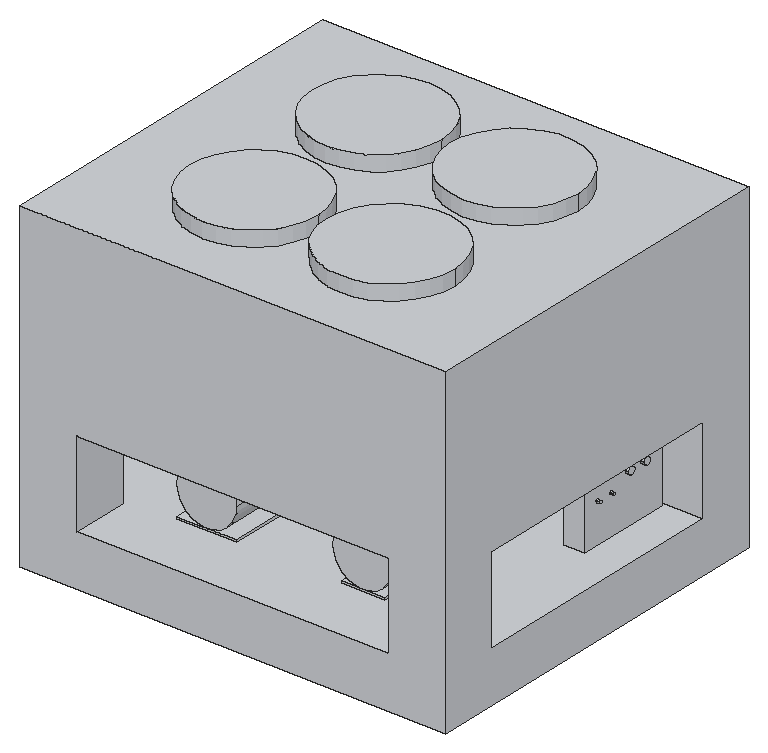
Revit family "M_Unidade de condensação - Resfriado a ar - DX - 141-352 kW", category Equipamento mecânico, Revit 2019
Family settings
  Cota do conector redondo = Usar raio
  Tipo de parte = Normal
  Número OmniClass = 23.75.10.24.21.11.11
  Título OmniClass = Packaged Refrigerant Condensing Coils and Fan Units
  ID de item do Seek = Condensing Unit - Air Cooled - DX - 141-352 kW-0000-CAN-ENU
  Com base no plano de trabalho = Não
  Sempre na vertical = Sim
  Corte com vazios quando carregada = Não
  Compartilhado = Não
  Ponto de cálculo do ambiente = Não
Parameters (values of type "141 kW")
  Voltagem = 460 V
  Visibilidade 5 = no
  Visibilidade 4 = yes
  Visibilidade 3 = no
  Visibilidade 2 = no
  Visibilidade 1 = yes
  Largura da unidade = 2247.9 mm
  Material da unidade = none
  Comprimento da unidade = 2524.1 mm
  Altura da unidade = 1922.5 mm
  Raio da saída = 6 mm
  Diâmetro da saída = Raio da saída * 2  # 12 mm
  Número de pólos = 3
  Carga máxima de operação = 7620 mm
  Classificação de carga = Refrigeração
  Comprimento 2 = (Comprimento da unidade - 311.15 mm * 2) / 2 / 3  # 316.967 mm
  Comprimento 1 = 1117.6 mm
  Raio da embocadura = 20 mm
  Diâmetro da embocadura = Raio da embocadura * 2  # 40 mm
  Altura 2 = 817.6 mm
  Altura 1 = 2013 mm
  C4 Deslocamento1 = 519.1 mm
  C3 Deslocamento2 = 627.1 mm
  C3 Deslocamento1 = 635 mm
  C2 Deslocamento1 = 765.2 mm
  C1 Deslocamento2 = 560.4 mm
  C1 Deslocamento1 = 863.6 mm
  Carga aparente = 38000 VA
Types (8, lengths in mm): name | Visibilidade 5 | Visibilidade 4 | Visibilidade 3 | Visibilidade 2 | Visibilidade 1 | Largura da unidade | Comprimento da unidade | Altura da unidade | Raio da saída | Diâmetro da saída | Comprimento 2 | Comprimento 1 | Raio da embocadura | Diâmetro da embocadura | Altura 2 | Altura 1 | Carga aparente
  (no name) | no | yes | no | no | yes | 2247.9 | 2524.1 | 1922.5 | 6 | 12 | 316.967 | 1117.6 | 20 | 40 | 817.6 | 2013 | 38000 VA
  141 kW | no | yes | no | no | yes | 2247.9 | 2524.1 | 1922.5 | 6 | 12 | 316.967 | 1117.6 | 20 | 40 | 817.6 | 2013 | 38000 VA
  176 kW | no | yes | no | no | yes | 2247.9 | 2524.1 | 1922.5 | 10 | 20 | 316.967 | 1117.6 | 20 | 40 | 817.6 | 2013 | 42100 VA
  211 kW | no | yes | no | no | yes | 2247.9 | 2524.1 | 1922.5 | 10 | 20 | 316.967 | 1117.6 | 25 | 50 | 817.6 | 2013 | 48800 VA
  246 kW | yes | no | no | no | yes | 2247.9 | 3124.2 | 2127.3 | 10 | 20 | 416.983 | 1346.2 | 25 | 50 | 817.6 | 2219.3 | 60900 VA
  281 kW | yes | no | no | no | yes | 2247.9 | 3124.2 | 2127.3 | 10 | 20 | 416.983 | 1346.2 | 25 | 50 | 817.6 | 2219.3 | 69500 VA
  316 kW | yes | no | yes | no | no | 2328.9 | 3413.1 | 2335.2 | 10 | 20 | 465.133 | 2006.6 | 25 | 50 | 1025.5 | 2427.3 | 76900 VA
  352 kW | yes | no | yes | yes | no | 2328.9 | 3413.1 | 2335.2 | 10 | 20 | 465.133 | 2006.6 | 25 | 50 | 1025.5 | 2427.3 | 85600 VA
Reference planes
  plane 1 "Centro (Frente/Trás)": y = 0
  plane 2: z = 0
  plane 3 "Centro (Esquerda/Direita)": x = 0
  plane 4: x = 2524.1
  plane 5: z = 1922.5
  plane 6: y = 2247.9
  plane 7: z = 817.6
  plane 8: z = 2013
  plane 9: x = 336.55
  plane 10: x = 2187.55
  plane 11: z = 304.8
  plane 12: y = 336.55
  plane 13: y = 1911.35
  plane 14: z = 317.5
  plane 15: z = 495.3
  plane 16: y = 387.35
  plane 17: y = 793.75
  plane 18: y = 1870.075
  plane 19: y = 1298.575
  plane 20: x = 1262.05
  plane 21: x = 645.05
  plane 22: x = 953.55
  plane 23: x = 1570.55
  plane 24: x = 1879.05
  plane 25: x = 799.3
  plane 26: x = 1724.8
  plane 27: x = 449.25
  plane 28: x = 2074.85
  plane 29: x = 855.65
  plane 30: x = 1668.45
  plane 31: y = 1123.95
  plane 32: y = 1581.15
  plane 33: y = 666.75
  plane 34: y = 1728.8
  plane 35: y = 1612.9
  plane 36: y = 1482.7
  plane 37: y = 1384.3
  plane 38: z = 560.4
  plane 39: z = 627.1
  plane 40: x = 2339.95
  plane 41: x = 139.7
  plane 42: z = 79.375
Forms (mm)
  Extrusion 1, solid, material <- "Material da unidade"
    sketch origin (0, 0, 0) x (1, 0, 0) y (0, 1, 0)
      loop
        line (0, 2247.9) -> (0, 0) -> (2524.1, 0) -> (2524.1, 2247.9) -> (0, 2247.9)
    from 817.6 to 1922.5
  Extrusion 2, solid, material <- "Material da unidade"
    sketch origin (0, 0, 0) x (1, 0, 0) y (0, 0, 1)
      loop
        line (0, 817.6) -> (0, 0) -> (336.55, 0) -> (336.55, 817.6) -> (0, 817.6)
    from 0 to -336.55
  Extrusion 3, solid, material <- "Material da unidade"
    sketch origin (3076.575, 0, 0) x (1, 0, 0) y (0, 0, 1)
      loop
        line (-889.025, 817.6) -> (-889.025, 0) -> (-552.475, 0) -> (-552.475, 817.6) -> (-889.025, 817.6)
    from -2247.9 to -1911.35
  Extrusion 4, solid, material <- "Material da unidade"
    sketch origin (0, 0, 0) x (1, 0, 0) y (0, 0, 1)
      loop
        line (0, 304.8) -> (0, 0) -> (2524.1, 0) -> (2524.1, 304.8) -> (0, 304.8)
    from -2247.9 to 0
  Extrusion 5, solid, material <- "Material da unidade", visible <- "Visibilidade 1"
    sketch origin (0, 0, 0) x (1, 0, 0) y (0, 0, 1)
      loop
        circle (799.3, 495.3) r 177.8
    from -793.75 to -387.35
  Extrusion 6, solid, material <- "Material da unidade"
    sketch origin (1117.6, 0, 0) x (1, 0, 0) y (0, 0, 1)
      loop
        line (1069.95, 817.6) -> (1069.95, 0) -> (1406.5, 0) -> (1406.5, 817.6) -> (1069.95, 817.6)
    from 0 to -336.55
  Extrusion 7, solid, material <- "Material da unidade"
    sketch origin (609.6, 0, 0) x (1, 0, 0) y (0, 0, 1)
      loop
        line (-609.6, 817.6) -> (-609.6, 0) -> (-273.05, 0) -> (-273.05, 817.6) -> (-609.6, 817.6)
    from -1911.35 to -2247.9
  Extrusion 8, solid, material <- "Material da unidade", visible <- "Visibilidade 1"
    sketch origin (1234.017, 0, 0) x (1, 0, 0) y (0, 0, 1)
      loop
        circle (490.783, 495.3) r 177.8
    from -793.75 to -387.35
  Extrusion 9, solid, material <- "Material da unidade", visible <- "Visibilidade 3"
    sketch origin (0, 0, 0) x (1, 0, 0) y (0, 0, 1)
      loop
        circle (645.05, 495.3) r 177.8
    from -793.75 to -387.35
  Extrusion 10, solid, material <- "Material da unidade", visible <- "Visibilidade 2"
    sketch origin (456.671, 0, 0) x (1, 0, 0) y (0, 0, 1)
      loop
        circle (496.879, 495.3) r 177.8
    from -793.75 to -387.35
  Extrusion 11, solid, material <- "Material da unidade", visible <- "Visibilidade 3"
    sketch origin (1370.013, 0, 0) x (1, 0, 0) y (0, 0, 1)
      loop
        circle (200.538, 495.3) r 177.8
    from -793.75 to -387.35
  Extrusion 12, solid, material <- "Material da unidade", visible <- "Visibilidade 3"
    sketch origin (1826.683, 0, 0) x (1, 0, 0) y (0, 0, 1)
      loop
        circle (52.367, 495.3) r 177.8
    from -793.75 to -387.35
  Extrusion 13, solid, material <- "Material da unidade"
    sketch origin (0, 0, 0) x (1, 0, 0) y (0, 0, 1)
      loop
        line (2187.55, 800.1) -> (2187.55, 317.5) -> (2314.55, 317.5) -> (2314.55, 800.1) -> (2187.55, 800.1)
    from -1870.075 to -1298.575
  Extrusion 14, solid, material <- "Material da unidade", visible <- "Visibilidade 4"
    sketch origin (0, 0, 0) x (1, 0, 0) y (0, 1, 0)
      loop
        circle (855.65, 1581.15) r 381
    from 1922.5 to 2013
  Extrusion 15, solid, material <- "Material da unidade", visible <- "Visibilidade 4"
    sketch origin (2524.125, 0, 0) x (-1, 0, 0) y (0, -1, 0)
      loop
        circle (855.675, -1581.15) r 381
    from 1922.5 to 2013
  Extrusion 16, solid, material <- "Material da unidade", visible <- "Visibilidade 4"
    sketch origin (0, 2247.9, 0) x (1, 0, 0) y (0, 1, 0)
      loop
        circle (855.65, -1581.15) r 381
    from 1922.5 to 2013
  Extrusion 17, solid, material <- "Material da unidade", visible <- "Visibilidade 4"
    sketch origin (2524.125, 2247.9, 0) x (-1, 0, 0) y (0, -1, 0)
      loop
        circle (855.675, 1581.15) r 381
    from 1922.5 to 2013
  Extrusion 18, solid, material <- "Material da unidade", visible <- "Visibilidade 5"
    sketch origin (0, 0, 0) x (1, 0, 0) y (0, 1, 0)
      loop
        circle (449.25, 1581.15) r 381
    from 1922.5 to 2013
  Extrusion 19, solid, material <- "Material da unidade", visible <- "Visibilidade 5"
    sketch origin (0, 2247.9, 0) x (1, 0, 0) y (0, 1, 0)
      loop
        circle (449.25, -1581.15) r 381
    from 1922.5 to 2013
  Extrusion 20, solid, material <- "Material da unidade", visible <- "Visibilidade 5"
    sketch origin (812.8, 0, 0) x (1, 0, 0) y (0, 1, 0)
      loop
        circle (449.25, 1581.15) r 381
    from 1922.5 to 2013
  Extrusion 21, solid, material <- "Material da unidade", visible <- "Visibilidade 5"
    sketch origin (812.8, 2247.9, 0) x (1, 0, 0) y (0, 1, 0)
      loop
        circle (449.25, -1581.15) r 381
    from 1922.5 to 2013
  Extrusion 22, solid, material <- "Material da unidade", visible <- "Visibilidade 5"
    sketch origin (3124.2, 0, 0) x (-1, 0, 0) y (0, -1, 0)
      loop
        circle (1049.35, -1581.15) r 381
    from 1922.5 to 2013
  Extrusion 23, solid, material <- "Material da unidade", visible <- "Visibilidade 5"
    sketch origin (3124.2, 2247.9, 0) x (-1, 0, 0) y (0, -1, 0)
      loop
        circle (1049.35, 1581.15) r 381
    from 1922.5 to 2013
  Extrusion 24, solid, material <- "Material da unidade", visible <- "Visibilidade 1"
    sketch origin (0, 0, 0) x (1, 0, 0) y (0, 0, 1)
      loop
        line (621.5, 317.5) -> (621.5, 304.8) -> (977.1, 304.8) -> (977.1, 317.5) -> (621.5, 317.5)
    from -793.75 to -387.35
  Extrusion 25, solid, material <- "Material da unidade", visible <- "Visibilidade 1"
    sketch origin (1225.55, 0, 0) x (1, 0, 0) y (0, 0, 1)
      loop
        line (371.458, 317.5) -> (371.458, 304.8) -> (627.042, 304.8) -> (627.042, 317.5) -> (371.458, 317.5)
    from -793.75 to -387.35
  Extrusion 26, solid, material <- "Material da unidade", visible <- "Visibilidade 3"
    sketch origin (0, 0, 0) x (1, 0, 0) y (0, 0, 1)
      loop
        line (467.25, 317.5) -> (467.25, 304.8) -> (822.85, 304.8) -> (822.85, 317.5) -> (467.25, 317.5)
    from -793.75 to -387.35
  Extrusion 27, solid, material <- "Material da unidade", visible <- "Visibilidade 2"
    sketch origin (456.671, 0, 0) x (1, 0, 0) y (0, 0, 1)
      loop
        line (393.165, 317.5) -> (393.165, 304.8) -> (600.594, 304.8) -> (600.594, 317.5) -> (393.165, 317.5)
    from -793.75 to -387.35
  Extrusion 28, solid, material <- "Material da unidade", visible <- "Visibilidade 3"
    sketch origin (1370.012, 0, 0) x (1, 0, 0) y (0, 0, 1)
      loop
        line (170.908, 317.5) -> (170.908, 304.8) -> (230.167, 304.8) -> (230.167, 317.5) -> (170.908, 317.5)
    from -793.75 to -387.35
  Extrusion 29, solid, material <- "Material da unidade", visible <- "Visibilidade 3"
    sketch origin (1826.683, 0, 0) x (1, 0, 0) y (0, 0, 1)
      loop
        line (-51.348, 317.5) -> (-51.348, 304.8) -> (156.081, 304.8) -> (156.081, 317.5) -> (-51.348, 317.5)
    from -793.75 to -387.35
  Extrusion 30, solid, material <- "Material da unidade"
    sketch origin (0, 0, 0) x (0, 1, 0) y (0, 0, 1)
      loop
        circle (1384.3, 560.4) r 6
    from 2314.55 to 2339.95
  Extrusion 31, solid, material <- "Material da unidade"
    sketch origin (0, 0, 0) x (0, 1, 0) y (0, 0, 1)
      loop
        circle (1482.7, 560.4) r 6
    from 2314.55 to 2339.95
  Extrusion 32, solid, material <- "Material da unidade"
    sketch origin (0, 0, 0) x (0, 1, 0) y (0, 0, 1)
      loop
        circle (1612.9, 627.1) r 20
    from 2314.55 to 2339.95
  Extrusion 33, solid, material <- "Material da unidade"
    sketch origin (0, 0, 0) x (0, 1, 0) y (0, 0, 1)
      loop
        circle (1728.8, 627.1) r 20
    from 2314.55 to 2339.95
  Extrusion 34, solid, material <- "Material da unidade"
    sketch origin (0, 0, 0) x (1, 0, 0) y (0, 0, 1)
      loop
        circle (139.7, 79.375) r 12.7
    from -336.55 to 0
Cuts and joins
  joined: Extrusion 1, Extrusion 2, Extrusion 3, Extrusion 4, Extrusion 6, Extrusion 7, Extrusion 13, Extrusion 30, Extrusion 31, Extrusion 32, Extrusion 33, Extrusion 34
Dimensions and locks
  "Comprimento da unidade": plane 4 to plane 3 "Centro (Esquerda/Direita)"
  "Altura da unidade": plane 5 to plane 2
  "Largura da unidade": plane 1 "Centro (Frente/Trás)" to plane 6
  "Altura 2": plane 7 to plane 2
  "Altura 1": plane 8 to plane 2
  locked: plane 9 to plane 3 "Centro (Esquerda/Direita)" at 336.55
  locked: plane 4 to plane 10 at 336.55
  locked: plane 11 to plane 2 at 304.8
  locked: plane 1 "Centro (Frente/Trás)" to plane 12 at 336.55
  locked: plane 13 to plane 6 at 336.55
  locked: plane 14 to plane 11 at 12.7
  locked: plane 15 to plane 14 at 177.8
  locked: plane 16 to plane 12 at 50.8
  locked: plane 17 to plane 16 at 406.4
  locked: plane 6 to plane 18 at 377.825
  locked: plane 18 to plane 19 at 571.5
  equal spacing: plane 10, plane 20, plane 9
  equal spacing: plane 20, plane 22, plane 21, plane 9
  equal spacing: plane 20, plane 23, plane 24, plane 10
  equal spacing: plane 20, plane 25, plane 9
  equal spacing: plane 20, plane 26, plane 10
  locked: plane 10 to Extrusion 13 sketch curve at 127
  locked: Extrusion 13 sketch curve to plane 14 at 482.6
  locked: plane 27 to plane 20 at 812.8
  locked: plane 20 to plane 28 at 812.8
  locked: plane 29 to plane 20 at 406.4
  locked: plane 20 to plane 30 at 406.4
  equal spacing: plane 1 "Centro (Frente/Trás)", plane 31, plane 6
  locked: plane 32 to plane 31 at 457.2
  locked: plane 31 to plane 33 at 457.2
  locked: plane 25 to Extrusion 24 sketch curve at 177.8  (x2)
  equal spacing: Extrusion 25 sketch curve, plane 26, Extrusion 25 sketch curve
  equal spacing: Extrusion 26 sketch curve, plane 21, Extrusion 26 sketch curve
  equal spacing: Extrusion 27 sketch curve, plane 22, Extrusion 27 sketch curve
  equal spacing: Extrusion 28 sketch curve, plane 23, Extrusion 28 sketch curve
  equal spacing: Extrusion 29 sketch curve, plane 24, Extrusion 29 sketch curve
  "C4 Deslocamento1": plane 34 to plane 6
  "C3 Deslocamento1": plane 35 to plane 6
  "C2 Deslocamento1": plane 36 to plane 6
  "C1 Deslocamento1": plane 37 to plane 6
  "C1 Deslocamento2": plane 2 to plane 38
  "C3 Deslocamento2": plane 39 to plane 2
  locked: plane 10 to plane 40 at 152.4
  locked: plane 41 to plane 3 "Centro (Esquerda/Direita)" at 139.7
  locked: plane 42 to plane 2 at 79.375
  radius of Extrusion 9 sketch curve = 177.8 mm
  radius of Extrusion 5 sketch curve = 177.8 mm
  radius of Extrusion 10 sketch curve = 177.8 mm
  radius of Extrusion 11 sketch curve = 177.8 mm
  radius of Extrusion 8 sketch curve = 177.8 mm
  radius of Extrusion 12 sketch curve = 177.8 mm
  radius of Extrusion 14 sketch curve = 381 mm
  radius of Extrusion 15 sketch curve = 381 mm
  radius of Extrusion 16 sketch curve = 381 mm
  radius of Extrusion 17 sketch curve = 381 mm
  radius of Extrusion 18 sketch curve = 381 mm
  radius of Extrusion 19 sketch curve = 381 mm
  radius of Extrusion 20 sketch curve = 381 mm
  radius of Extrusion 21 sketch curve = 381 mm
  radius of Extrusion 22 sketch curve = 381 mm
  radius of Extrusion 23 sketch curve = 381 mm
  "Raio da saída": radius of Extrusion 30 sketch curve
  "Raio da saída": radius of Extrusion 31 sketch curve
  "Raio da embocadura": radius of Extrusion 32 sketch curve
  "Raio da embocadura": radius of Extrusion 33 sketch curve
  radius of Extrusion 34 sketch curve = 12.7 mm
  aligned and locked: plane 3 "Centro (Esquerda/Direita)" to Extrusion 1 sketch curve
  aligned and locked: Extrusion 1 sketch curve to plane 1 "Centro (Frente/Trás)"
  aligned and locked: Extrusion 1 sketch curve to plane 4
  aligned and locked: plane 6 to Extrusion 1 sketch curve
  aligned and locked: plane 5 to Extrusion 1
  aligned and locked: Extrusion 1 to plane 7
  aligned and locked: Extrusion 2 sketch curve to Extrusion 1  (x2)
  aligned and locked: level to Extrusion 2 sketch curve
  aligned and locked: Extrusion 2 sketch curve to plane 9
  aligned and locked: plane 10 to Extrusion 3 sketch curve
  aligned and locked: Extrusion 3 sketch curve to plane 2
  aligned and locked: Extrusion 3 sketch curve to plane 7
  aligned and locked: Extrusion 3 sketch curve to plane 4
  aligned and locked: Extrusion 4 sketch curve to plane 2
  aligned and locked: plane 3 "Centro (Esquerda/Direita)" to Extrusion 4 sketch curve
  aligned and locked: Extrusion 4 sketch curve to plane 4
  aligned and locked: Extrusion 4 sketch curve to plane 11
  aligned and locked: plane 15 to Extrusion 5 sketch curve
  aligned and locked: plane 3 "Centro (Esquerda/Direita)" to Extrusion 7 sketch curve
  aligned and locked: Extrusion 7 sketch curve to plane 9
  aligned and locked: Extrusion 7 sketch curve to plane 7
  aligned and locked: plane 2 to Extrusion 7 sketch curve
  aligned and locked: Extrusion 6 sketch curve to plane 4
  aligned and locked: plane 10 to Extrusion 6 sketch curve
  aligned and locked: Extrusion 6 sketch curve to plane 2
  aligned and locked: Extrusion 6 sketch curve to plane 7
  aligned and locked: Extrusion 7 to plane 6
  aligned and locked: plane 13 to Extrusion 7
  aligned and locked: Extrusion 5 to plane 17
  aligned and locked: plane 16 to Extrusion 5
  aligned and locked: plane 15 to Extrusion 8 sketch curve
  aligned and locked: plane 25 to Extrusion 5 sketch curve
  aligned and locked: plane 26 to Extrusion 8 sketch curve
  aligned and locked: plane 15 to Extrusion 9 sketch curve
  aligned and locked: plane 21 to Extrusion 9 sketch curve
  aligned and locked: plane 15 to Extrusion 10 sketch curve
  aligned and locked: plane 22 to Extrusion 10 sketch curve
  aligned and locked: plane 23 to Extrusion 11 sketch curve
  aligned and locked: plane 15 to Extrusion 11 sketch curve
  aligned and locked: plane 15 to Extrusion 12 sketch curve
  aligned and locked: plane 24 to Extrusion 12 sketch curve
  aligned and locked: Extrusion 9 to plane 17
  aligned and locked: plane 16 to Extrusion 9
  aligned and locked: Extrusion 10 to plane 17
  aligned and locked: plane 16 to Extrusion 10
  aligned and locked: Extrusion 11 to plane 17
  aligned and locked: plane 16 to Extrusion 11
  aligned and locked: Extrusion 12 to plane 17
  aligned and locked: plane 16 to Extrusion 12
  aligned and locked: plane 10 to Extrusion 13 sketch curve
  aligned and locked: plane 14 to Extrusion 13 sketch curve
  aligned and locked: Extrusion 13 to plane 18
  aligned and locked: plane 19 to Extrusion 13
  aligned and locked: plane 32 to Extrusion 14 sketch curve
  aligned and locked: plane 29 to Extrusion 14 sketch curve
  aligned and locked: plane 32 to Extrusion 15 sketch curve
  aligned and locked: plane 30 to Extrusion 15 sketch curve
  aligned and locked: plane 33 to Extrusion 16 sketch curve
  aligned and locked: plane 29 to Extrusion 16 sketch curve
  aligned and locked: plane 30 to Extrusion 17 sketch curve
  aligned and locked: plane 33 to Extrusion 17 sketch curve
  aligned and locked: plane 8 to Extrusion 16
  aligned and locked: Extrusion 16 to plane 5
  aligned and locked: plane 8 to Extrusion 14
  aligned and locked: Extrusion 14 to plane 5
  aligned and locked: plane 8 to Extrusion 17
  aligned and locked: Extrusion 17 to plane 5
  aligned and locked: plane 8 to Extrusion 15
  aligned and locked: Extrusion 15 to plane 5
  aligned and locked: plane 32 to Extrusion 18 sketch curve
  aligned and locked: plane 27 to Extrusion 18 sketch curve
  aligned and locked: plane 33 to Extrusion 19 sketch curve
  aligned and locked: plane 27 to Extrusion 19 sketch curve
  aligned and locked: plane 32 to Extrusion 20 sketch curve
  aligned and locked: plane 20 to Extrusion 20 sketch curve
  aligned and locked: plane 33 to Extrusion 21 sketch curve
  aligned and locked: plane 20 to Extrusion 21 sketch curve
  aligned and locked: plane 32 to Extrusion 22 sketch curve
  aligned and locked: plane 28 to Extrusion 22 sketch curve
  aligned and locked: plane 33 to Extrusion 23 sketch curve
  aligned and locked: plane 28 to Extrusion 23 sketch curve
  aligned and locked: plane 8 to Extrusion 19
  aligned and locked: Extrusion 19 to plane 5
  aligned and locked: plane 8 to Extrusion 18
  aligned and locked: Extrusion 18 to plane 5
  aligned and locked: plane 8 to Extrusion 21
  aligned and locked: Extrusion 21 to plane 5
  aligned and locked: plane 8 to Extrusion 20
  aligned and locked: Extrusion 20 to plane 5
  aligned and locked: plane 8 to Extrusion 23
  aligned and locked: Extrusion 23 to plane 5
  aligned and locked: plane 8 to Extrusion 22
  aligned and locked: Extrusion 22 to plane 5
  aligned and locked: plane 11 to Extrusion 24 sketch curve
  aligned and locked: Extrusion 24 sketch curve to plane 14
  aligned and locked: plane 11 to Extrusion 25 sketch curve
  aligned and locked: Extrusion 25 sketch curve to plane 14
  aligned and locked: Extrusion 26 sketch curve to plane 14
  aligned and locked: plane 11 to Extrusion 26 sketch curve
  aligned and locked: Extrusion 27 sketch curve to plane 14
  aligned and locked: plane 11 to Extrusion 27 sketch curve
  aligned and locked: Extrusion 28 sketch curve to plane 14
  aligned and locked: plane 11 to Extrusion 28 sketch curve
  aligned and locked: Extrusion 29 sketch curve to plane 14
  aligned and locked: plane 11 to Extrusion 29 sketch curve
  aligned and locked: Extrusion 5 to Extrusion 26
  aligned and locked: Extrusion 26 to Extrusion 5
  aligned and locked: Extrusion 5 to Extrusion 24
  aligned and locked: Extrusion 24 to Extrusion 5
  aligned and locked: Extrusion 5 to Extrusion 27
  aligned and locked: Extrusion 27 to Extrusion 5
  aligned and locked: Extrusion 5 to Extrusion 28
  aligned and locked: Extrusion 28 to Extrusion 5
  aligned and locked: Extrusion 5 to Extrusion 25
  aligned and locked: Extrusion 25 to Extrusion 5
  aligned and locked: Extrusion 5 to Extrusion 29
  aligned and locked: Extrusion 29 to Extrusion 5
  aligned and locked: plane 38 to Extrusion 30 sketch curve
  aligned and locked: plane 38 to Extrusion 31 sketch curve
  aligned and locked: plane 37 to Extrusion 30 sketch curve
  aligned and locked: plane 36 to Extrusion 31 sketch curve
  aligned and locked: plane 39 to Extrusion 32 sketch curve
  aligned and locked: plane 35 to Extrusion 32 sketch curve
  aligned and locked: plane 39 to Extrusion 33 sketch curve
  aligned and locked: plane 34 to Extrusion 33 sketch curve
  aligned and locked: Extrusion 33 to Extrusion 13
  aligned and locked: plane 40 to Extrusion 33
  aligned and locked: Extrusion 32 to Extrusion 13
  aligned and locked: plane 40 to Extrusion 32
  aligned and locked: Extrusion 31 to Extrusion 13
  aligned and locked: plane 40 to Extrusion 31
  aligned and locked: Extrusion 30 to Extrusion 13
  aligned and locked: plane 40 to Extrusion 30
  aligned and locked: plane 42 to Extrusion 34 sketch curve
  aligned and locked: plane 41 to Extrusion 34 sketch curve
  aligned and locked: Extrusion 34 to plane 12
  aligned and locked: plane 1 "Centro (Frente/Trás)" to Extrusion 34
  aligned and locked: Extrusion 4 to plane 6
  aligned and locked: Extrusion 3 to plane 6
  aligned and locked: plane 13 to cut or joined group of Extrusion 1, Extrusion 2, Extrusion 3, Extrusion 4, Extrusion 6, Extrusion 7, Extrusion 13, Extrusion 30, Extrusion 31, Extrusion 32, Extrusion 33, Extrusion 34
Automatic sketch dimensions
  plane 23 to Extrusion 25 sketch curve = 26.458 mm
  Extrusion 26 sketch curve to plane 21 = 177.8 mm
  Extrusion 27 sketch curve to plane 25 = 50.535 mm
  Extrusion 28 sketch curve to plane 30 = 127.529 mm
  plane 26 to Extrusion 29 sketch curve = 50.535 mm
Connectors
  piping at (2339.95, 1384.3, 560.4), diameter 12, driven by "Raio da saída"
    settings: on Extrusion 30, index 1, connector inside diameter 12 mm, connector length 0 mm, flow factor 0, pipe flow 0.0 L/s, pressure drop 0.0 Pa, fitting loss kfactor 0, connector angle 0.00°, fixture units 0, engagement length 0 mm, angle of deflection 0.00°, flow configuration 0, flow direction 2, fitting loss method 0, system type 22, joint type 0, gender type 0, connector reference index 3, connector utility 0, adjustable connector no, is connector primary yes, connector description "Saída de material criogênico"
  piping at (2339.95, 1482.7, 560.4), diameter 12, driven by "Raio da saída"
    settings: on Extrusion 31, index 2, connector inside diameter 12 mm, connector length 0 mm, flow factor 0, pipe flow 0.0 L/s, pressure drop 0.0 Pa, fitting loss kfactor 0, connector angle 0.00°, fixture units 0, engagement length 0 mm, angle of deflection 0.00°, flow configuration 0, flow direction 2, fitting loss method 0, system type 22, joint type 0, gender type 0, connector reference index 4, connector utility 0, adjustable connector no, is connector primary no, connector description "Saída de material criogênico"
  piping at (2339.95, 1612.9, 627.1), diameter 40, driven by "Raio da embocadura"
    settings: on Extrusion 32, index 3, connector inside diameter 40 mm, connector length 0 mm, flow factor 0, pipe flow 0.0 L/s, pressure drop 0.0 Pa, fitting loss kfactor 0, connector angle 0.00°, fixture units 0, engagement length 0 mm, angle of deflection 0.00°, flow configuration 0, flow direction 1, fitting loss method 0, system type 22, joint type 0, gender type 0, connector reference index 1, connector utility 0, adjustable connector no, is connector primary no, connector description "Entrada de material criogênico"
  piping at (2339.95, 1728.8, 627.1), diameter 40, driven by "Raio da embocadura"
    settings: on Extrusion 33, index 4, connector inside diameter 40 mm, connector length 0 mm, flow factor 0, pipe flow 0.0 L/s, pressure drop 0.0 Pa, fitting loss kfactor 0, connector angle 0.00°, fixture units 0, engagement length 0 mm, angle of deflection 0.00°, flow configuration 0, flow direction 1, fitting loss method 0, system type 22, joint type 0, gender type 0, connector reference index 2, connector utility 0, adjustable connector no, is connector primary no, connector description "Entrada de material criogênico"
  electrical at (139.7, 0, 79.375), driven by "Carga aparente", driven by "Voltagem", driven by "Número de pólos", driven by "Classificação de carga"
    settings: on Extrusion 34, index 5, voltage 460 V, apparent load 38000 VA, apparent load phase1 0 VA, apparent load phase2 0 VA, apparent load phase3 0 VA, power factor 0.8, load classification "Refrigeração", number of poles 3, system type 30, power factor state 1, is connector primary yes, connector utility no, sub classification motor no, connector description ""
